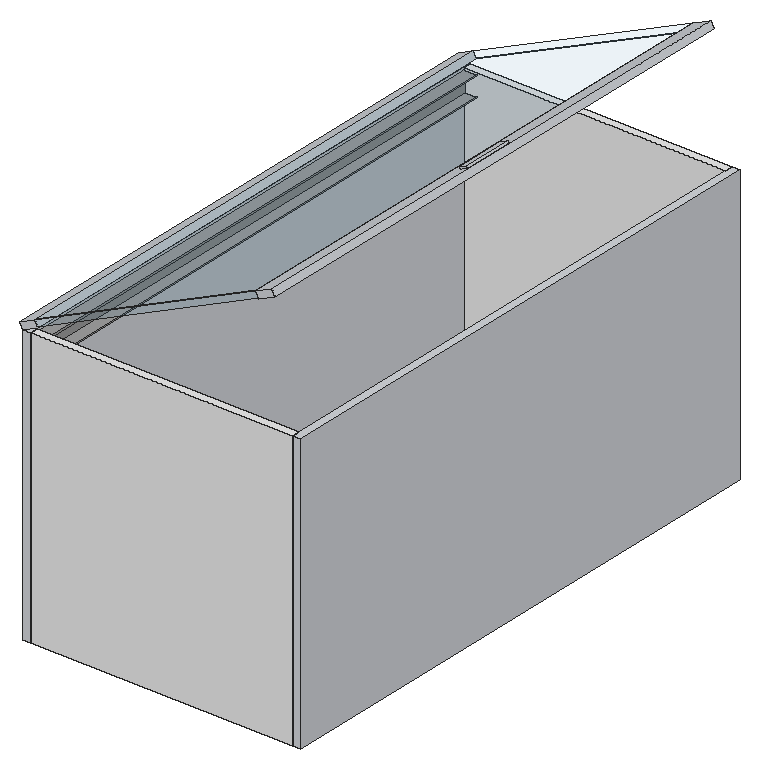
Revit family "Domotics-CablaggioStrutturato-GEWISS-QUADRI_PAVIMENTO_19_24U_P600", category Apparecchi elettrici, host Superficie, Revit 2019
Family settings
  Host = Superficie
  Mantenere orientamento annotazione = Sì
  Quota connettore circolare = Usa diametro
  Tipo di parte = Normale
  Taglio con vuoti quando caricato = No
  Condiviso = No
  Punto di calcolo locali = Sì
Parameters (values of type "GW38451 - ARMADIO DA PAVIMENTO 19 24U 600x600MM")
  simbolo in pianta [instance] = yes
  barra din = yes
  Visibilità sportello [instance] = yes
  Versione file RFA = "21.2"
  UnitÃ  di cablaggio = "24 U"
  URL = "https://www.gewiss.com/it/it"
  Tipologia porta = "Reversibile"
  Scheda Tecnica = "https://www.gewiss.com/it/it/search?q=GW38451"
  SEO = "Armadio LAN"
  Default Elevation = 1219.2 mm
  ProfonditÃ  (mm) = "600 mm"
  Produttore = "GEWISS S.p.A."
  Portata statica = "1000KG"
  Nome quadro [instance] = "n.quadro"
  N. montanti = "2"
  Modello = "GW38451"
  Materiale = "Acciaio"
  Immagine tipo = C.jpg
  IDT = "053d00158162476f8ef6cae597f3a83f"
  IDF = "54276756-c9ed-4fce-93f7-26ccdf4c13cc"
  Grado di protezione = "IP20"
  Finitura = "Bucciata"
  Distanza_x [instance] = 300 mm
  Distanza simbolo [instance] = 0 mm
  Distanza effettiva x [instance] = 1000 mm - Distanza_x  # 700 mm
  Dim. esterne BxHxP (mm) = "600x1185x600"
  Descrizione = "ARMADIO DA PAVIMENTO 19 24U 600x600MM"
  Creato da GEWISS S.p.A. = ""
  Colore = "Grigio (RAL 7035)"
  Codice Electrocod = "3752"
  Categoria = "Armadio da pavimento 19\""
  Catalogo = "DOMOTICS"
  COBie.Tagnumber = ""
  COBie.CreatedOn = ""
  COBie.CreatebBy = ""
  COBie.ComponentRegisterItemID = ""
  COBie.Component.TagNumber = ""
  COBie.Component.Space = ""
  COBie.Component.SerialNumber = ""
  COBie.Component.InstallationDate = ""
  COBie.Component.Description = ""
  COBie.Component.BarCode = ""
  Apertura porta = "135°"
  Apertura [instance] = 25.00°
Reference planes
  plane 1 "Centro (Fronte/Retro)": y = 0
  plane 2: z = 0
  plane 3 "Centro (Sinistra/Destra)": x = 0
  plane 4: x = -1380.34
  plane 5: x = -680.34
Forms (mm)
  Extrusion 1, solid, detail levels coarse
    sketch origin (0, 0, 0) x (1, 0, 0) y (0, 1, 0)
      loop
        line (583.5, 0) -> (583.5, 1185) -> (-16.5, 1185) -> (-16.5, 0) -> (583.5, 0)
    from 0 to 600
Dimensions and locks
  plane 4 to plane 3 "Centro (Sinistra/Destra)" = 1380.34 mm
  "Distanza effettiva x": plane 4 to plane 5
  aligned and locked: host face to plane 2
  aligned and locked: host face to level
  aligned and locked: plane 1 "Centro (Fronte/Retro)" to nested 1
  aligned and locked: nested 2 to plane 5
  aligned and locked: Extrusion 1 sketch curve to nested 1  (x4)
  aligned and locked: Extrusion 1 to nested 1
  aligned and locked: plane 3 "Centro (Sinistra/Destra)" to nested 1
Automatic sketch dimensions
  host sketch curve to host sketch curve = 3398.537 mm
  host sketch curve to host sketch curve = 3619.2 mm
Nested families
  nested 1: "DATACENTER ARMADIO PARETE 24U P600mm_base" at (-16.5, 0, 0), Apertura <- "Apertura", Sportello <- "Visibilità sportello", visible <- "Visibilità sportello", Barra din <- "barra din", Sportello visibile <- "Visibilità sportello", type "DATACENTER ARMADIO PARETE 24U P600mm_base", detail levels medium+fine
    with Sportello visibile yes, Sportello yes, Barra din yes, Apertura 25.00°
  nested 2: "DATACENTERsimbolo" at (-680.34, 911.19, 0), Distanza dal muro <- "Distanza simbolo", SIMBOLO ACCESO <- "simbolo in pianta", visible <- "simbolo in pianta", type "3P"
    with SIMBOLO ACCESO yes, Distanza dal muro 0 mm
Definition of nested family "DATACENTER ARMADIO PARETE 24U P600mm_base"
  Parameters (values of type "DATACENTER ARMADIO PARETE 24U P600mm_base")
    Struttura = none
    Sportello_vetro = none
    Sportello visibile [instance] = yes
    Sportello lato = none
    Sportello [instance] = yes
    Profondità quadro = 600 mm  # constant formula
    L_quadro = 600 mm  # constant formula
    Barra din [instance] = yes
    Altezza quadro = 1185 mm  # constant formula
    Apertura [instance] = 30.00°
  Reference planes
    plane 1 "Centro (Fronte/Retro)": y = 0
    plane 2: z = 0
    plane 3 "Centro (Sinistra/Destra)": x = 0
    plane 4: x = 600
    plane 5: y = 1185
    plane 6: x = 16.5
    plane 7: y = 1168.5
    plane 8: y = 16.5
    plane 9: x = 583.5
    plane 10: z = 600
    plane 11: z = 16.5
    plane 12: x = 46.5
    plane 13: x = 18.5
    plane 14: z = 596
    plane 15: z = 551
    plane 16: z = 594
    plane 17: x = 20.5
    plane 18: z = 553
    plane 19: x = 44.5
    plane 20: z = 18.5
    plane 21: z = 63.5
    plane 22: z = 61.5
    plane 23: z = 20.5
  Forms (mm)
    Extrusion 1, solid, material <- "Struttura"
      sketch origin (0, 0, 0) x (1, 0, 0) y (0, 1, 0)
        loop
          line (16.5, 1168.5) -> (583.5, 1168.5) -> (583.5, 1185) -> (16.5, 1185) -> (16.5, 1168.5)
      from 0 to 600
    Extrusion 2, solid
      sketch origin (0, 0, 0) x (1, 0, 0) y (0, 1, 0)
        loop
          line (16.5, 1168.5) -> (16.5, 16.5) -> (583.5, 16.5) -> (583.5, 1168.5) -> (16.5, 1168.5)
      from 0 to 16.5
    Extrusion 3, solid
      sketch origin (468.185, 0, 870.307) x (-0.866025, 0, -0.5) y (0, -1, 0)
        loop
          line (-59.386, 0) -> (-59.386, -1185) -> (-20.759, -1185) -> (-20.759, 0) -> (-59.386, 0)
        loop
          line (540.614, -1185) -> (540.614, 0) -> (506.604, 0) -> (506.604, -1185) -> (540.614, -1185)
      from 0 to 15
    Extrusion 4, solid, material <- "Sportello_vetro", visible <- "Sportello visibile"
      sketch origin (468.185, 0, 870.307) x (-0.866025, 0, -0.5) y (0, -1, 0)
        loop
          line (506.604, 0) -> (-20.759, 0) -> (-20.759, -1185) -> (506.604, -1185) -> (506.604, 0)
      from 0 to 15
    Extrusion 5, solid
      sketch origin (0, 0, 0) x (1, 0, 0) y (0, 1, 0)
        loop
          line (0, 1185) -> (0, 0) -> (16.5, 0) -> (16.5, 1185) -> (0, 1185)
        loop
          line (600, 0) -> (600, 1185) -> (583.5, 1185) -> (583.5, 0) -> (600, 0)
      from 0 to 600
    Extrusion 6, solid, material <- "Struttura"
      sketch origin (0, 400, 0) x (1, 0, 0) y (0, 1, 0)
        loop
          line (16.5, -383.5) -> (16.5, -400) -> (583.5, -400) -> (583.5, -383.5) -> (16.5, -383.5)
      from 0 to 600
    Extrusion 7, solid
      sketch origin (468.185, 0, 870.307) x (-0.866025, 0, -0.5) y (0, -1, 0)
        loop
          line (-33.539, -647.5) -> (-33.539, -537.5) -> (-52.092, -537.5) -> (-52.092, -647.5) -> (-33.539, -647.5)
      from 2.698 to 17.686
    Extrusion 8, solid, visible <- "Barra din"
      sketch origin (0, 0, 0) x (1, 0, 0) y (0, 0, 1)
        loop
          line (46.5, 596) -> (18.5, 596) -> (18.5, 551) -> (46.5, 551) -> (46.5, 553) -> (20.5, 553) -> (20.5, 594) -> (46.5, 594) -> (46.5, 596)
      from -1168.5 to -16.5
    Extrusion 9, solid, visible <- "Barra din"
      sketch origin (0, 0, 600) x (1, 0, 0) y (0, 0, 1)
        loop
          line (46.5, -581.5) -> (46.5, -579.5) -> (20.5, -579.5) -> (20.5, -538.5) -> (46.5, -538.5) -> (46.5, -536.5) -> (18.5, -536.5) -> (18.5, -581.5) -> (46.5, -581.5)
      from -1168.5 to -16.5
  Lines and regions (mm)
    reference lines
      curve 1: line (468.185, 0, 870.307) -> (0, 0, 600)
  Dimensions and locks
    "L_quadro": plane 3 "Centro (Sinistra/Destra)" to plane 4
    "Altezza quadro": plane 1 "Centro (Fronte/Retro)" to plane 5
    locked: plane 5 to plane 7 at 16.5
    locked: plane 9 to plane 4 at 16.5
    locked: plane 3 "Centro (Sinistra/Destra)" to plane 6 at 16.5
    locked: plane 1 "Centro (Fronte/Retro)" to plane 8 at 16.5
    "Profondità quadro": plane 10 to plane 2
    locked: plane 11 to level at 16.5
    locked: plane 6 to plane 12 at 30
    locked: Extrusion 3 sketch curve to Extrusion 3 sketch curve at 38.628
    locked: Extrusion 3 sketch curve to Extrusion 3 sketch curve at 34.009
    "L_quadro": Extrusion 3 sketch curve to Extrusion 3 sketch curve
    "Altezza quadro": Extrusion 3 sketch curve to Extrusion 3 sketch curve  (x2)
    "Altezza quadro": Extrusion 4 sketch curve to Extrusion 4 sketch curve
    Extrusion 7 sketch curve to Extrusion 7 sketch curve = 18.553 mm
    Extrusion 3 to Extrusion 3 = 1185 mm
    locked: plane 13 to plane 6 at 2
    locked: plane 10 to plane 14 at 4
    locked: plane 14 to plane 16 at 2
    locked: plane 18 to plane 15 at 2
    locked: plane 14 to plane 15 at 45
    locked: plane 23 to plane 20 at 2
    "Apertura": angle plane 10 to curve 1
    aligned and locked: level to plane 2
    aligned and locked: Extrusion 1 sketch curve to plane 7
    aligned and locked: Extrusion 1 sketch curve to plane 5
    aligned and locked: Extrusion 1 sketch curve to plane 6
    aligned and locked: Extrusion 1 sketch curve to plane 9
    aligned and locked: plane 10 to Extrusion 1
    aligned and locked: Extrusion 2 sketch curve to plane 6
    aligned and locked: Extrusion 2 sketch curve to plane 7
    aligned and locked: Extrusion 2 sketch curve to plane 9
    aligned and locked: Extrusion 2 sketch curve to plane 8
    aligned and locked: plane 11 to Extrusion 2
    aligned and locked: curve 1 to Extrusion 1
    aligned and locked: plane 10 to curve 1
    aligned and locked: Extrusion 3 sketch curve to plane 5
    aligned and locked: Extrusion 3 sketch curve to plane 1 "Centro (Fronte/Retro)"
    aligned and locked: Extrusion 4 sketch curve to curve 1
    aligned and locked: Extrusion 4 sketch curve to Extrusion 3  (x2)
    aligned and locked: Extrusion 5 sketch curve to plane 3 "Centro (Sinistra/Destra)"
    aligned and locked: Extrusion 5 sketch curve to plane 6
    aligned and locked: Extrusion 5 sketch curve to plane 4
    aligned and locked: Extrusion 5 sketch curve to plane 9
    aligned and locked: Extrusion 5 sketch curve to plane 5
    aligned and locked: Extrusion 5 sketch curve to plane 1 "Centro (Fronte/Retro)"
    aligned and locked: plane 10 to Extrusion 5
    aligned and locked: plane 8 to Extrusion 6 sketch curve
    aligned and locked: plane 1 "Centro (Fronte/Retro)" to Extrusion 6 sketch curve
    aligned and locked: plane 9 to Extrusion 6 sketch curve
    aligned and locked: plane 6 to Extrusion 6 sketch curve
    aligned and locked: Extrusion 8 sketch curve to plane 14
    aligned and locked: Extrusion 8 sketch curve to plane 13
    aligned and locked: Extrusion 8 sketch curve to plane 15
    aligned and locked: Extrusion 8 sketch curve to plane 18
    aligned and locked: Extrusion 8 sketch curve to plane 17
    aligned and locked: Extrusion 8 sketch curve to plane 12
    aligned and locked: Extrusion 8 sketch curve to plane 16
    aligned and locked: Extrusion 8 to Extrusion 1
    aligned and locked: Extrusion 8 to Extrusion 6
    aligned and locked: plane 21 to Extrusion 9 sketch curve
    aligned and locked: plane 22 to Extrusion 9 sketch curve
    aligned and locked: plane 23 to Extrusion 9 sketch curve
    aligned and locked: plane 20 to Extrusion 9 sketch curve
    aligned and locked: plane 17 to Extrusion 9 sketch curve
    aligned and locked: plane 13 to Extrusion 9 sketch curve
    aligned and locked: Extrusion 2 to Extrusion 9
    aligned and locked: Extrusion 9 to Extrusion 1
    aligned and locked: Extrusion 6 to Extrusion 1
  Automatic sketch dimensions
    plane 1 "Centro (Fronte/Retro)" to Extrusion 5 sketch curve = 0 mm
    Extrusion 5 sketch curve to plane 5 = 0 mm
    Extrusion 7 sketch curve to curve 1 = 52.092 mm
    Extrusion 7 sketch curve to Extrusion 7 sketch curve = 18.553 mm
    Extrusion 7 sketch curve to curve 1 = 647.5 mm
    Extrusion 7 sketch curve to curve 1 = 537.5 mm
    Extrusion 8 sketch curve to plane 12 = 0 mm
    Extrusion 9 sketch curve to plane 12 = 0 mm  (x2)
    curve 1 to plane 3 "Centro (Sinistra/Destra)" = 0 mm
    Extrusion 3 sketch curve to curve 1 = 0 mm
Definition of nested family "DATACENTERsimbolo"
  Parameters (values of type "3P")
    SIMBOLO ACCESO [instance] = yes
    Distanza dal muro [instance] = 0 mm
  Reference planes
    plane 1: y = 0
    plane 2: x = 0
  Dimensions and locks
    "Distanza dal muro": plane 1 to nested 1
    aligned and locked: plane 2 to nested 1
  Nested families
    nested 1: "DATACENTERsimbolo.base" at (0, 0, 0), type "3P"
      with CORNICE SIMBOLO yes
  Definition of nested family "DATACENTERsimbolo.base"
    Parameters (values of type "3P")
      Testo = ""
      CORNICE SIMBOLO [instance] = yes
      3P = yes
    Reference planes
      plane 1: y = 0
      plane 2: x = 0
    Lines and regions (mm)
      detail lines
        curve 1: line (6.852, 3.426, 0) -> (8.859, 3.426, 0)
        curve 2: line (8.859, 3.426, 0) -> (8.859, 0, 0)
        curve 3: line (8.859, 0, 0) -> (6.852, 0, 0)
        curve 4: line (6.852, 0, 0) -> (0, 3.426, 0)
        curve 5: line (0, 3.426, 0) -> (3.027, 3.426, 0)
        curve 6: line (3.027, 3.426, 0) -> (6.852, 3.426, 0)
        curve 7: line (6.852, 3.426, 0) -> (6.852, 0, 0)
        curve 8: line (6.852, 0, 0) -> (0, 0, 0)
        curve 9: line (0, 0, 0) -> (0, 3.426, 0)
        curve 10: line (7.856, 1.713, 0) -> (7.856, 2.67, 0)
        curve 11: line (8.526, 0.756, 0) -> (8.526, 1.713, 0)
        curve 12: line (8.526, 1.713, 0) -> (7.185, 1.713, 0)
        curve 13: line (7.185, 1.713, 0) -> (7.185, 0.756, 0)
    Text (mm)
      label "RJ" at (7.87, 1.29, 0), shows "Testo"
    Nested families
      nested 1: "testo_simb" at (7.89, 1.134, 0), type "3P"
        with SIMBOLO ACCESO yes, Distanza dal muro 0 mm
      nested 2: "testo_simb" at (7.855, 0, 0), type "3P"
        with SIMBOLO ACCESO yes, Distanza dal muro 0 mm
      nested 3: "testo_simb" at (7.855, 0, 0), type "3P"
        with SIMBOLO ACCESO yes, Distanza dal muro 0 mm
      nested 4: "testo_simb" at (7.855, 0, 0), type "3P"
        with SIMBOLO ACCESO yes, Distanza dal muro 0 mm
      nested 5: "testo_simb" at (7.855, 0, 0), type "3P"
        with SIMBOLO ACCESO yes, Distanza dal muro 0 mm
    Definition of nested family "testo_simb"
      Parameters (values of type "3P")
        testo simb = ""
        SIMBOLO ACCESO [instance] = yes
        Distanza dal muro [instance] = 0 mm
      Reference planes
        plane 1: y = 0
        plane 2: x = 0
      Text (mm)
        label "RJ" at (0.02, 0.123, 0), shows "testo simb"
